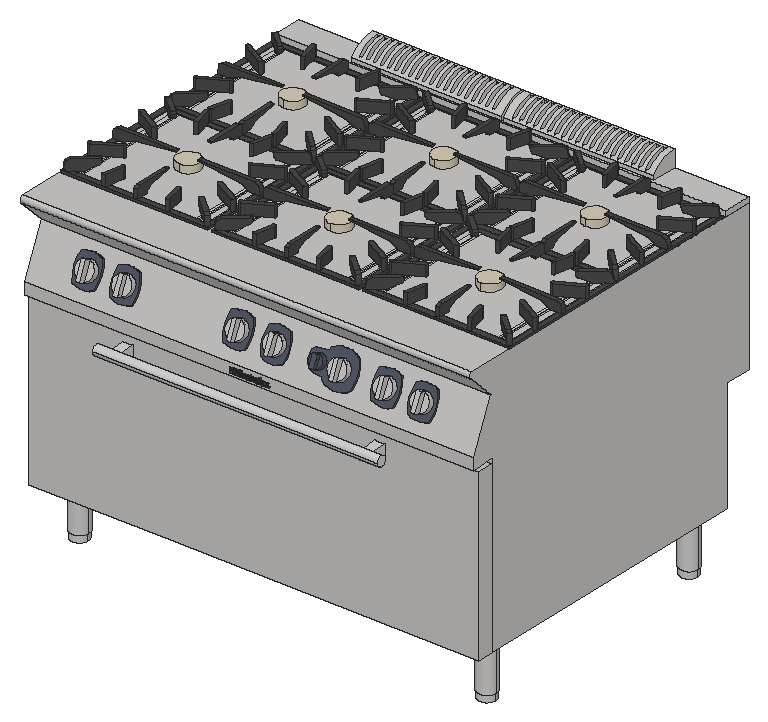
Revit family "QF_ELECTROLUXPROFESSIONAL_391463_E9AANABJMIE", category Attrezzature speciali, Revit 2018 (continued)
Definition of nested family "371009_BURNER"
  Automatic sketch dimensions
    Extrusion 6 sketch curve to Extrusion 6 sketch curve = 16.281 mm
    Extrusion 6 sketch curve to Extrusion 6 sketch curve = 1.035 mm
    Extrusion 6 sketch curve to Extrusion 6 sketch curve = 19.417 mm
    Extrusion 6 sketch curve to Extrusion 6 sketch curve = 4.763 mm  (x2)
    Extrusion 6 sketch curve to Extrusion 6 sketch curve = 3.716 mm
    plane 10 to Extrusion 7 sketch curve = 5 mm  (x2)
    Extrusion 7 sketch curve to Extrusion 7 sketch curve = 2.692 mm  (x2)
    Extrusion 7 sketch curve to Extrusion 7 sketch curve = 10.213 mm  (x2)
    plane 10 to Extrusion 7 sketch curve = 12.281 mm
    Extrusion 7 sketch curve to Extrusion 7 sketch curve = 29.348 mm  (x2)
    Extrusion 7 sketch curve to Extrusion 7 sketch curve = 3.155 mm  (x2)
    Extrusion 7 sketch curve to Extrusion 7 sketch curve = 22.572 mm
    Extrusion 7 sketch curve to Extrusion 7 sketch curve = 8.81 mm
    Extrusion 7 sketch curve to Extrusion 7 sketch curve = 9.845 mm  (x2)
    Extrusion 7 sketch curve to Extrusion 7 sketch curve = 3.99 mm  (x2)
    Extrusion 7 sketch curve to Extrusion 7 sketch curve = 0 mm  (x2)
    Extrusion 7 sketch curve to Extrusion 7 sketch curve = 21.306 mm
    Extrusion 7 sketch curve to plane 10 = 64.377 mm  (x2)
    Extrusion 7 sketch curve to Extrusion 7 sketch curve = 326.397 mm
    Extrusion 7 sketch curve to plane 6 "TOP" = 28.141 mm
    Extrusion 7 sketch curve to Extrusion 7 sketch curve = 16.281 mm
    Extrusion 7 sketch curve to Extrusion 7 sketch curve = 1.035 mm
    Extrusion 7 sketch curve to Extrusion 7 sketch curve = 19.417 mm
    Extrusion 7 sketch curve to Extrusion 7 sketch curve = 7.281 mm
    Extrusion 7 sketch curve to Extrusion 7 sketch curve = 10.713 mm
    curve 58 to curve 12 = 72.824 mm
    curve 30 to curve 30 = 73.227 mm
    curve 58 to curve 5 = 10.263 mm
    curve 5 to curve 58 = 0 mm
    curve 59 to curve 30 = 10.263 mm
    curve 30 to curve 8 = 9.4 mm
    curve 31 to curve 32 = 0 mm
    curve 33 to curve 38 = 0 mm  (x2)
    curve 33 to curve 39 = 0 mm  (x2)
    curve 33 to curve 40 = 0 mm  (x2)
    plane 1 "BACK" to curve 41 = 0 mm
    curve 41 to plane 3 "LEFT" = 0 mm
    curve 31 to plane 7 "Center Y" = 0 mm
    curve 33 to plane 7 "Center Y" = 0 mm
    curve 41 to plane 4 "RIGHT" = 0 mm
    plane 3 "LEFT" to curve 76 = 1.326 mm
    plane 3 "LEFT" to curve 64 = 1.326 mm
    plane 3 "LEFT" to curve 44 = 2.995 mm
    plane 3 "LEFT" to curve 46 = 2.995 mm
    curve 43 to curve 43 = 2.408 mm
    curve 46 to curve 47 = 2.408 mm
    curve 47 to curve 47 = 2.408 mm
    curve 43 to curve 42 = 2.408 mm
    curve 76 to plane 5 "FRONT" = 0.514 mm
    plane 3 "LEFT" to curve 76 = 8.029 mm
    plane 1 "BACK" to curve 62 = 0.514 mm
    plane 3 "LEFT" to curve 62 = 8.029 mm
    curve 48 to curve 75 = 50.941 mm
    curve 43 to curve 63 = 50.941 mm
    curve 75 to curve 75 = 3.351 mm
    curve 63 to curve 63 = 3.351 mm
    plane 1 "BACK" to curve 62 = 52.383 mm
    curve 63 to curve 62 = 3.351 mm
    curve 74 to plane 5 "FRONT" = 52.383 mm
    curve 75 to curve 74 = 3.351 mm
    plane 3 "LEFT" to curve 46 = 65.629 mm
    plane 3 "LEFT" to curve 44 = 65.629 mm
    curve 45 to curve 45 = 2.408 mm
    curve 46 to curve 49 = 2.408 mm
    curve 49 to curve 48 = 2.408 mm
    curve 45 to curve 42 = 2.408 mm
    curve 38 to plane 8 "Center X" = 2.597 mm
    curve 38 to plane 7 "Center Y" = 51.172 mm
    curve 33 to plane 8 "Center X" = 2.597 mm
    curve 38 to curve 33 = 12.999 mm
    curve 33 to plane 7 "Center Y" = 5 mm
    curve 38 to plane 7 "Center Y" = 5 mm
    curve 31 to curve 33 = 0 mm
    plane 7 "Center Y" to curve 32 = 5 mm
    plane 7 "Center Y" to curve 40 = 5 mm
    curve 39 to curve 32 = 0 mm
    curve 39 to plane 8 "Center X" = 2.597 mm
    plane 7 "Center Y" to curve 39 = 38.172 mm
    curve 40 to plane 8 "Center X" = 2.704 mm
    curve 39 to curve 40 = 12.979 mm
    curve 50 to plane 4 "RIGHT" = 70.445 mm
    curve 57 to plane 4 "RIGHT" = 70.445 mm
    curve 50 to curve 53 = 2.408 mm
    curve 57 to curve 57 = 2.408 mm  (x2)
    curve 53 to curve 53 = 2.408 mm
    curve 71 to curve 71 = 3.351 mm
    curve 67 to curve 67 = 3.351 mm
    curve 71 to curve 69 = 3.351 mm
    curve 67 to curve 65 = 3.351 mm
    curve 60 to plane 4 "RIGHT" = 15 mm
    curve 72 to plane 5 "FRONT" = 0.514 mm
    curve 72 to plane 4 "RIGHT" = 8.029 mm
    plane 1 "BACK" to curve 68 = 0.514 mm
    curve 68 to plane 4 "RIGHT" = 8.029 mm
    curve 50 to plane 4 "RIGHT" = 7.81 mm
    curve 55 to plane 4 "RIGHT" = 7.81 mm
    curve 55 to curve 55 = 2.408 mm
    curve 50 to curve 51 = 2.408 mm
    curve 55 to plane 4 "RIGHT" = 2.995 mm
    curve 51 to plane 4 "RIGHT" = 2.995 mm
    curve 69 to plane 4 "RIGHT" = 1.326 mm
    curve 65 to plane 4 "RIGHT" = 1.326 mm
    curve 72 to plane 5 "FRONT" = 7.935 mm
    curve 60 to plane 5 "FRONT" = 20.286 mm
    curve 71 to curve 56 = 27.93 mm
    curve 73 to curve 48 = 27.93 mm
    curve 47 to curve 47 = 4.382 mm
    curve 55 to curve 55 = 4.382 mm
    curve 56 to plane 8 "Center X" = 55.651 mm
    curve 48 to plane 8 "Center X" = 55.651 mm
    curve 57 to curve 57 = 4.382 mm
    curve 49 to curve 49 = 4.382 mm
    curve 40 to plane 8 "Center X" = 44.773 mm
    curve 39 to curve 32 = 4.818 mm
    plane 8 "Center X" to curve 31 = 2.403 mm
    plane 8 "Center X" to curve 45 = 46.886 mm
    plane 8 "Center X" to curve 52 = 46.886 mm
    curve 53 to curve 53 = 4.382 mm
    curve 45 to curve 45 = 4.382 mm
    curve 53 to curve 52 = 34.416 mm
    curve 44 to curve 61 = 36.694 mm
    curve 43 to curve 43 = 4.382 mm
    curve 51 to curve 51 = 4.382 mm
    curve 51 to curve 65 = 27.93 mm
    plane 1 "BACK" to curve 83 = 20.286 mm
    plane 1 "BACK" to curve 88 = 15 mm
    plane 1 "BACK" to curve 77 = 15 mm
    curve 77 to curve 83 = 30.799 mm
    curve 78 to plane 5 "FRONT" = 15 mm
    curve 80 to curve 71 = 7.989 mm
    curve 78 to curve 60 = 30.799 mm
    curve 78 to curve 80 = 13.475 mm
    curve 55 to curve 79 = 10.979 mm
    curve 82 to curve 57 = 6.514 mm
    curve 80 to curve 78 = 0 mm
    curve 80 to curve 82 = 11.41 mm
    curve 77 to curve 66 = 37.77 mm
    curve 60 to curve 79 = 11.41 mm
    plane 8 "Center X" to curve 81 = 7.403 mm
    plane 8 "Center X" to curve 84 = 7.403 mm
    curve 82 to plane 8 "Center X" = 2.597 mm
    curve 82 to curve 84 = 0 mm
    curve 79 to plane 8 "Center X" = 2.597 mm
    curve 79 to curve 81 = 0 mm
    curve 81 to curve 51 = 10.979 mm
    curve 53 to curve 85 = 17.924 mm
    curve 84 to curve 81 = 30.799 mm
    curve 84 to curve 85 = 11.41 mm
    curve 52 to curve 84 = 19.83 mm
    curve 81 to curve 83 = 11.41 mm
    curve 67 to curve 85 = 7.989 mm
    curve 85 to curve 77 = 0 mm
    curve 85 to curve 77 = 13.475 mm
    curve 86 to curve 37 = 26.152 mm
    curve 4 to curve 86 = 10.263 mm
    curve 86 to curve 4 = 0 mm
    curve 36 to curve 21 = 26.152 mm
    curve 88 to curve 88 = 25 mm
    plane 8 "Center X" to curve 89 = 69.193 mm
    curve 43 to curve 90 = 9.597 mm
    curve 43 to curve 90 = 0.432 mm
    plane 1 "BACK" to curve 90 = 20.286 mm
    curve 93 to plane 8 "Center X" = 2.597 mm
    plane 8 "Center X" to curve 91 = 7.403 mm
    curve 95 to plane 8 "Center X" = 69.193 mm
    curve 93 to curve 94 = 28.333 mm
    curve 95 to curve 12 = 33.104 mm
    curve 21 to curve 87 = 10.263 mm
    curve 87 to curve 21 = 0 mm
    curve 91 to curve 90 = 11.41 mm
    curve 89 to curve 87 = 21.732 mm
    curve 89 to curve 92 = 11.41 mm
    curve 92 to curve 89 = 0 mm
    plane 8 "Center X" to curve 92 = 7.403 mm
    curve 91 to curve 90 = 0 mm
    curve 93 to curve 95 = 0 mm
    curve 93 to curve 95 = 11.41 mm
    curve 11 to curve 94 = 0 mm
    curve 11 to curve 94 = 11.41 mm
    curve 95 to curve 11 = 30.799 mm
    curve 95 to curve 12 = 13.475 mm
    plane 3 "LEFT" to curve 95 = 45.799 mm
    curve 95 to curve 5 = 33.104 mm
    Extrusion 8 sketch curve to Extrusion 3 = 5.275 mm  (x2)
    Extrusion 8 sketch curve to Extrusion 8 sketch curve = 1.125 mm  (x16)
    Extrusion 3 to Extrusion 8 sketch curve = 38.711 mm  (x2)
    Extrusion 8 sketch curve to Extrusion 3 = 7.19 mm  (x3)
    Extrusion 3 to Extrusion 8 sketch curve = 72.734 mm  (x2)
    Extrusion 8 sketch curve to Extrusion 8 sketch curve = 4.382 mm  (x16)
    Extrusion 8 sketch curve to Extrusion 3 = 2.995 mm  (x4)
    Extrusion 8 sketch curve to Extrusion 8 sketch curve = 34.416 mm  (x4)
    Extrusion 3 to Extrusion 8 sketch curve = 50.629 mm  (x3)
    Extrusion 8 sketch curve to Extrusion 8 sketch curve = 93.773 mm  (x2)
    Extrusion 3 to Extrusion 8 sketch curve = 40.96 mm  (x2)
    Extrusion 8 sketch curve to Extrusion 3 = 7.476 mm  (x2)
    Extrusion 8 sketch curve to Extrusion 8 sketch curve = 2.408 mm  (x4)
    Extrusion 3 to Extrusion 8 sketch curve = 91.634 mm  (x2)
    Extrusion 8 sketch curve to Extrusion 8 sketch curve = 4.872 mm  (x8)
    Extrusion 8 sketch curve to Extrusion 8 sketch curve = 11.182 mm  (x4)
    Extrusion 3 to Extrusion 8 sketch curve = 112.56 mm
    Extrusion 8 sketch curve to Extrusion 8 sketch curve = 61.931 mm
    Extrusion 3 to Extrusion 8 sketch curve = 55.445 mm
    Extrusion 8 sketch curve to Extrusion 8 sketch curve = 4.816 mm
    curve 67 to curve 85 = 19.656 mm
    curve 71 to curve 80 = 19.656 mm
    curve 99 to plane 5 "FRONT" = 7.524 mm
    curve 74 to curve 99 = 41.179 mm
    curve 98 to curve 99 = 4.872 mm
    curve 96 to plane 5 "FRONT" = 5.275 mm
    curve 99 to curve 96 = 4.872 mm
    curve 99 to curve 98 = 11.182 mm
    curve 98 to curve 97 = 4.872 mm
    curve 96 to plane 5 "FRONT" = 53.711 mm
    curve 97 to curve 96 = 4.872 mm
    curve 97 to curve 97 = 1.125 mm
    curve 103 to curve 70 = 62.105 mm
    curve 103 to curve 103 = 4.872 mm  (x2)
    curve 100 to plane 5 "FRONT" = 5.275 mm
    curve 100 to curve 100 = 11.182 mm
    curve 101 to curve 101 = 4.872 mm
    curve 102 to plane 5 "FRONT" = 7.524 mm
    curve 101 to curve 102 = 4.872 mm
    curve 100 to curve 100 = 48.436 mm
    curve 103 to curve 103 = 1.125 mm
    curve 106 to curve 67 = 62.105 mm
    curve 107 to curve 107 = 4.872 mm
    plane 1 "BACK" to curve 104 = 55.96 mm
    curve 107 to curve 104 = 4.872 mm
    plane 1 "BACK" to curve 105 = 5.275 mm
    curve 107 to curve 105 = 11.182 mm
    curve 105 to curve 105 = 4.872 mm  (x2)
    curve 107 to curve 107 = 1.125 mm
    plane 1 "BACK" to curve 104 = 7.524 mm
    plane 1 "BACK" to curve 109 = 7.524 mm
    curve 62 to curve 109 = 41.179 mm
    curve 109 to curve 109 = 4.872 mm
    plane 1 "BACK" to curve 108 = 5.275 mm
    curve 109 to curve 108 = 4.872 mm
    curve 110 to curve 111 = 11.182 mm
    curve 110 to curve 111 = 4.872 mm
    plane 1 "BACK" to curve 108 = 53.711 mm
    curve 111 to curve 108 = 4.872 mm
    curve 111 to curve 108 = 2.25 mm
    radius of Extrusion 4 sketch curve = 30 mm
Types (2, lengths in mm): name | URL | Modello | Produttore | Gas Size | Descrizione
  (no name) | "www.electrolux.com" | "391015" | "ELECTROLUX" | 0" | "900XP 6 GAS BURNERS 6kW ON LARGE GAS OVEN"
  Standard | "https://www.electroluxprofessional.com/" | "E9AANABJMIE" | "Electrolux Professional" | 1/2" | "6-BURNER GAS RANGE+LARGE GAS OVEN 1200MM - 3MM WORKTOP"
